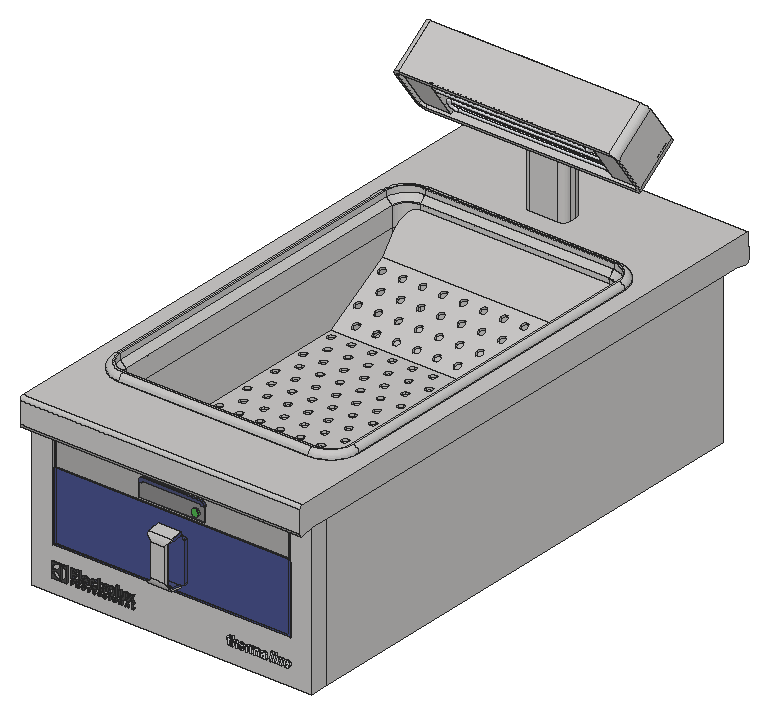
Revit family "QF_ELECTROLUXPROFESSIONAL_588094_MAYAAADOBO", category Attrezzature speciali, Revit 2020 (continued)
Definition of nested family "Front_Panel_W400_1 Knob_Spie"
  Definition of nested family "ELX_Professional_Logo_Small"
    Forms (mm)
      Extrusion 2, solid, material <- "Material_Logo"
        sketch origin (15.5, 0, 0) x (1, 0, 0) y (0, 1, 0)
          loop
            arc (-62.251, 9.758) -> (-70.347, 7.918) -> (-74.247, 0.59) r 9.976
            line (-74.247, 0.59) -> (-71.026, 0.59)
            arc (-71.026, 0.59) -> (-65.274, 2.925) -> (-62.251, 8.349) r 9.351
          loop
            arc (-74.247, -0.539) -> (-70.353, -7.928) -> (-62.251, -9.957) r 10.237
            line (-62.251, -9.957) -> (-62.251, -8.298)
            arc (-62.251, -8.298) -> (-65.274, -2.874) -> (-71.026, -0.539) r 9.351
            line (-71.026, -0.539) -> (-74.247, -0.539)
        from 0 to 1.644
    Dimensions and locks
      aligned and locked: plane 2 to Extrusion 1
      aligned and locked: level to Extrusion 1
